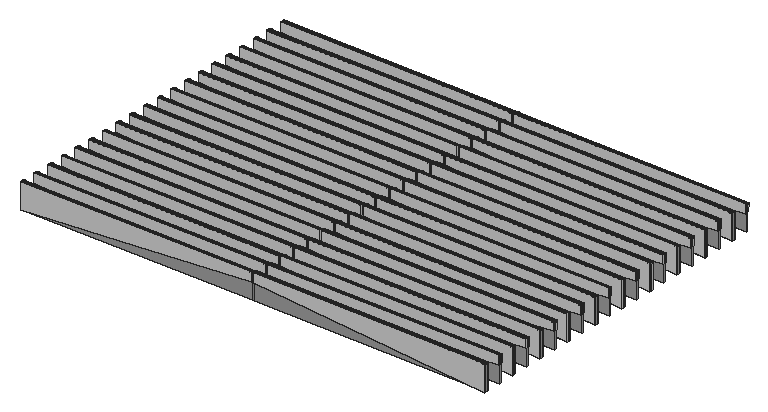
Revit family "BFL-STK-001_STACKED BAFFLES 001_RFA", category Modelos genéricos, Revit 2022
Family settings
  Puede alojar armadura = No
  Cota de conector redondo = Diámetro de uso
  Tipo de pieza = Normal
  Se basa en plano de trabajo = No
  Siempre vertical = Sí
  Corte con vacíos al cargar = No
  Mantener orientación de anotación = No
  Compartido = No
  Punto de cálculo de habitación = No
Parameters
  Elevación por defecto = 0.00"
Reference planes (in)
  plane 1 "Centro (Frontal/Posterior)": y = 0
  plane 2: z = 0
  plane 3 "Centro (Izquierda/Derecha)": x = 0
Forms (in)
  Extrusion 1, solid
    sketch origin (0, 0, 0) x (1, 0, 0) y (0, 0, 1)
      loop
        line (-108.5, 0) -> (-108.5, -12)
        arc (-108.5, -12) -> (-81.42603, -10.99863) -> (-54.5, -8) r 366.5
        arc (-54.5, -8) -> (-27.57397, -5.00137) -> (-0.5, -4) r 366.5
        line (-0.5, -4) -> (-0.5, 0) -> (-108.5, 0)
    from 78.62205 to 78.74016
  Extrusion 2, solid
    sketch origin (0, 0.59055, 0) x (1, 0, 0) y (0, 0, 1)
      loop
        line (-108.5, 0) -> (-108.5, -12) -> (-0.5, -12) -> (-0.5, 0) -> (-108.5, 0)
    from 78.26772 to 78.74016
  Extrusion 3, solid
    sketch origin (0, 1.53543, 0) x (1, 0, 0) y (0, 0, 1)
      loop
        line (-108.5, 0) -> (-108.5, -12)
        arc (-108.5, -12) -> (-81.42603, -10.99863) -> (-54.5, -8) r 366.5
        arc (-54.5, -8) -> (-27.57397, -5.00137) -> (-0.5, -4) r 366.5
        line (-0.5, -4) -> (-0.5, 0) -> (-108.5, 0)
    from 78.62205 to 78.74016
  Extrusion 4, solid
    sketch origin (0, 0.11811, 0) x (1, 0, 0) y (0, 0, 1)
      loop
        line (-108.5, 0) -> (-108.5, -12)
        arc (-108.5, -12) -> (-81.42603, -10.99863) -> (-54.5, -8) r 366.5
        arc (-54.5, -8) -> (-27.57397, -5.00137) -> (-0.5, -4) r 366.5
        line (-0.5, -4) -> (-0.5, 0) -> (-108.5, 0)
    from 78.26772 to 78.74016
  Extrusion 5, solid
    sketch origin (0, 1.06299, 0) x (1, 0, 0) y (0, 0, 1)
      loop
        line (-108.5, 0) -> (-108.5, -12)
        arc (-108.5, -12) -> (-81.42603, -10.99863) -> (-54.5, -8) r 366.5
        arc (-54.5, -8) -> (-27.57397, -5.00137) -> (-0.5, -4) r 366.5
        line (-0.5, -4) -> (-0.5, 0) -> (-108.5, 0)
    from 78.26772 to 78.74016
  Extrusion 6, solid, not visible
    sketch origin (0, 0, 0) x (1, 0, 0) y (0, 0, 1)
      loop
        line (-108.5, 0) -> (-108.5, -12)
        arc (-108.5, -12) -> (-81.42603, -10.99863) -> (-54.5, -8) r 366.5
        arc (-54.5, -8) -> (-27.57397, -5.00137) -> (-0.5, -4) r 366.5
        line (-0.5, -4) -> (-0.5, 0) -> (-108.5, 0)
    from 78.62205 to 78.74016
  Extrusion 7, solid, not visible
    sketch origin (0, 0.59055, 0) x (1, 0, 0) y (0, 0, 1)
      loop
        line (-108.5, 0) -> (-108.5, -12) -> (-0.5, -12) -> (-0.5, 0) -> (-108.5, 0)
    from 78.26772 to 78.74016
  Extrusion 8, solid, not visible
    sketch origin (0, 1.53543, 0) x (1, 0, 0) y (0, 0, 1)
      loop
        line (-108.5, 0) -> (-108.5, -12)
        arc (-108.5, -12) -> (-81.42603, -10.99863) -> (-54.5, -8) r 366.5
        arc (-54.5, -8) -> (-27.57397, -5.00137) -> (-0.5, -4) r 366.5
        line (-0.5, -4) -> (-0.5, 0) -> (-108.5, 0)
    from 78.62205 to 78.74016
  Extrusion 9, solid, not visible
    sketch origin (0, 0.11811, 0) x (1, 0, 0) y (0, 0, 1)
      loop
        line (-108.5, 0) -> (-108.5, -12)
        arc (-108.5, -12) -> (-81.42603, -10.99863) -> (-54.5, -8) r 366.5
        arc (-54.5, -8) -> (-27.57397, -5.00137) -> (-0.5, -4) r 366.5
        line (-0.5, -4) -> (-0.5, 0) -> (-108.5, 0)
    from 78.26772 to 78.74016
  Extrusion 10, solid, not visible
    sketch origin (0, 1.06299, 0) x (1, 0, 0) y (0, 0, 1)
      loop
        line (-108.5, 0) -> (-108.5, -12)
        arc (-108.5, -12) -> (-81.42603, -10.99863) -> (-54.5, -8) r 366.5
        arc (-54.5, -8) -> (-27.57397, -5.00137) -> (-0.5, -4) r 366.5
        line (-0.5, -4) -> (-0.5, 0) -> (-108.5, 0)
    from 78.26772 to 78.74016
  Extrusion 11, solid
    sketch origin (109, 0, 0) x (1, 0, 0) y (0, 0, 1)
      loop
        line (-0.5, 0) -> (-108.5, 0) -> (-108.5, -4)
        arc (-108.5, -4) -> (-81.42603, -5.00137) -> (-54.5, -8) r 366.5
        arc (-54.5, -8) -> (-27.57397, -10.99863) -> (-0.5, -12) r 366.5
        line (-0.5, -12) -> (-0.5, 0)
    from 78.62205 to 78.74016
  Extrusion 12, solid
    sketch origin (109, 0.59055, 0) x (1, 0, 0) y (0, 0, 1)
      loop
        line (-0.5, 0) -> (-108.5, 0) -> (-108.5, -12) -> (-0.5, -12) -> (-0.5, 0)
    from 78.26772 to 78.74016
  Extrusion 13, solid
    sketch origin (109, 1.53543, 0) x (1, 0, 0) y (0, 0, 1)
      loop
        line (-0.5, 0) -> (-108.5, 0) -> (-108.5, -4)
        arc (-108.5, -4) -> (-81.42603, -5.00137) -> (-54.5, -8) r 366.5
        arc (-54.5, -8) -> (-27.57397, -10.99863) -> (-0.5, -12) r 366.5
        line (-0.5, -12) -> (-0.5, 0)
    from 78.62205 to 78.74016
  Extrusion 14, solid
    sketch origin (109, 0.11811, 0) x (1, 0, 0) y (0, 0, 1)
      loop
        line (-0.5, 0) -> (-108.5, 0) -> (-108.5, -4)
        arc (-108.5, -4) -> (-81.42603, -5.00137) -> (-54.5, -8) r 366.5
        arc (-54.5, -8) -> (-27.57397, -10.99863) -> (-0.5, -12) r 366.5
        line (-0.5, -12) -> (-0.5, 0)
    from 78.26772 to 78.74016
  Extrusion 15, solid
    sketch origin (109, 1.06299, 0) x (1, 0, 0) y (0, 0, 1)
      loop
        line (-0.5, 0) -> (-108.5, 0) -> (-108.5, -4)
        arc (-108.5, -4) -> (-81.42603, -5.00137) -> (-54.5, -8) r 366.5
        arc (-54.5, -8) -> (-27.57397, -10.99863) -> (-0.5, -12) r 366.5
        line (-0.5, -12) -> (-0.5, 0)
    from 78.26772 to 78.74016
  Extrusion 16, solid
    sketch origin (0, 8, 0) x (1, 0, 0) y (0, 0, 1)
      loop
        line (-0.5, 0) -> (-108.5, 0) -> (-108.5, -4)
        arc (-108.5, -4) -> (-81.42603, -5.00137) -> (-54.5, -8) r 366.5
        arc (-54.5, -8) -> (-27.57397, -10.99863) -> (-0.5, -12) r 366.5
        line (-0.5, -12) -> (-0.5, 0)
    from 78.62205 to 78.74016
  Extrusion 17, solid
    sketch origin (0, 8.59055, 0) x (1, 0, 0) y (0, 0, 1)
      loop
        line (-0.5, 0) -> (-108.5, 0) -> (-108.5, -12) -> (-0.5, -12) -> (-0.5, 0)
    from 78.26772 to 78.74016
  Extrusion 18, solid
    sketch origin (0, 9.53543, 0) x (1, 0, 0) y (0, 0, 1)
      loop
        line (-0.5, 0) -> (-108.5, 0) -> (-108.5, -4)
        arc (-108.5, -4) -> (-81.42603, -5.00137) -> (-54.5, -8) r 366.5
        arc (-54.5, -8) -> (-27.57397, -10.99863) -> (-0.5, -12) r 366.5
        line (-0.5, -12) -> (-0.5, 0)
    from 78.62205 to 78.74016
  Extrusion 19, solid
    sketch origin (0, 8.11811, 0) x (1, 0, 0) y (0, 0, 1)
      loop
        line (-0.5, 0) -> (-108.5, 0) -> (-108.5, -4)
        arc (-108.5, -4) -> (-81.42603, -5.00137) -> (-54.5, -8) r 366.5
        arc (-54.5, -8) -> (-27.57397, -10.99863) -> (-0.5, -12) r 366.5
        line (-0.5, -12) -> (-0.5, 0)
    from 78.26772 to 78.74016
  Extrusion 20, solid
    sketch origin (0, 9.06299, 0) x (1, 0, 0) y (0, 0, 1)
      loop
        line (-0.5, 0) -> (-108.5, 0) -> (-108.5, -4)
        arc (-108.5, -4) -> (-81.42603, -5.00137) -> (-54.5, -8) r 366.5
        arc (-54.5, -8) -> (-27.57397, -10.99863) -> (-0.5, -12) r 366.5
        line (-0.5, -12) -> (-0.5, 0)
    from 78.26772 to 78.74016
  Extrusion 21, solid
    sketch origin (109, 8, 0) x (1, 0, 0) y (0, 0, 1)
      loop
        line (-108.5, 0) -> (-108.5, -12)
        arc (-108.5, -12) -> (-81.42603, -10.99863) -> (-54.5, -8) r 366.5
        arc (-54.5, -8) -> (-27.57397, -5.00137) -> (-0.5, -4) r 366.5
        line (-0.5, -4) -> (-0.5, 0) -> (-108.5, 0)
    from 78.62205 to 78.74016
  Extrusion 22, solid
    sketch origin (109, 8.59055, 0) x (1, 0, 0) y (0, 0, 1)
      loop
        line (-108.5, 0) -> (-108.5, -12) -> (-0.5, -12) -> (-0.5, 0) -> (-108.5, 0)
    from 78.26772 to 78.74016
  Extrusion 23, solid
    sketch origin (109, 9.53543, 0) x (1, 0, 0) y (0, 0, 1)
      loop
        line (-108.5, 0) -> (-108.5, -12)
        arc (-108.5, -12) -> (-81.42603, -10.99863) -> (-54.5, -8) r 366.5
        arc (-54.5, -8) -> (-27.57397, -5.00137) -> (-0.5, -4) r 366.5
        line (-0.5, -4) -> (-0.5, 0) -> (-108.5, 0)
    from 78.62205 to 78.74016
  Extrusion 24, solid
    sketch origin (109, 8.11811, 0) x (1, 0, 0) y (0, 0, 1)
      loop
        line (-108.5, 0) -> (-108.5, -12)
        arc (-108.5, -12) -> (-81.42603, -10.99863) -> (-54.5, -8) r 366.5
        arc (-54.5, -8) -> (-27.57397, -5.00137) -> (-0.5, -4) r 366.5
        line (-0.5, -4) -> (-0.5, 0) -> (-108.5, 0)
    from 78.26772 to 78.74016
  Extrusion 25, solid
    sketch origin (109, 9.06299, 0) x (1, 0, 0) y (0, 0, 1)
      loop
        line (-108.5, 0) -> (-108.5, -12)
        arc (-108.5, -12) -> (-81.42603, -10.99863) -> (-54.5, -8) r 366.5
        arc (-54.5, -8) -> (-27.57397, -5.00137) -> (-0.5, -4) r 366.5
        line (-0.5, -4) -> (-0.5, 0) -> (-108.5, 0)
    from 78.26772 to 78.74016
  Extrusion 26, solid
    sketch origin (0, 16, 0) x (1, 0, 0) y (0, 0, 1)
      loop
        line (-108.5, 0) -> (-108.5, -12)
        arc (-108.5, -12) -> (-81.42603, -10.99863) -> (-54.5, -8) r 366.5
        arc (-54.5, -8) -> (-27.57397, -5.00137) -> (-0.5, -4) r 366.5
        line (-0.5, -4) -> (-0.5, 0) -> (-108.5, 0)
    from 78.62205 to 78.74016
  Extrusion 27, solid
    sketch origin (0, 16.59055, 0) x (1, 0, 0) y (0, 0, 1)
      loop
        line (-108.5, 0) -> (-108.5, -12) -> (-0.5, -12) -> (-0.5, 0) -> (-108.5, 0)
    from 78.26772 to 78.74016
  Extrusion 28, solid
    sketch origin (0, 17.53543, 0) x (1, 0, 0) y (0, 0, 1)
      loop
        line (-108.5, 0) -> (-108.5, -12)
        arc (-108.5, -12) -> (-81.42603, -10.99863) -> (-54.5, -8) r 366.5
        arc (-54.5, -8) -> (-27.57397, -5.00137) -> (-0.5, -4) r 366.5
        line (-0.5, -4) -> (-0.5, 0) -> (-108.5, 0)
    from 78.62205 to 78.74016
  Extrusion 29, solid
    sketch origin (0, 16.11811, 0) x (1, 0, 0) y (0, 0, 1)
      loop
        line (-108.5, 0) -> (-108.5, -12)
        arc (-108.5, -12) -> (-81.42603, -10.99863) -> (-54.5, -8) r 366.5
        arc (-54.5, -8) -> (-27.57397, -5.00137) -> (-0.5, -4) r 366.5
        line (-0.5, -4) -> (-0.5, 0) -> (-108.5, 0)
    from 78.26772 to 78.74016
  Extrusion 30, solid
    sketch origin (0, 17.06299, 0) x (1, 0, 0) y (0, 0, 1)
      loop
        line (-108.5, 0) -> (-108.5, -12)
        arc (-108.5, -12) -> (-81.42603, -10.99863) -> (-54.5, -8) r 366.5
        arc (-54.5, -8) -> (-27.57397, -5.00137) -> (-0.5, -4) r 366.5
        line (-0.5, -4) -> (-0.5, 0) -> (-108.5, 0)
    from 78.26772 to 78.74016
  Extrusion 31, solid
    sketch origin (109, 16, 0) x (1, 0, 0) y (0, 0, 1)
      loop
        line (-0.5, 0) -> (-108.5, 0) -> (-108.5, -4)
        arc (-108.5, -4) -> (-81.42603, -5.00137) -> (-54.5, -8) r 366.5
        arc (-54.5, -8) -> (-27.57397, -10.99863) -> (-0.5, -12) r 366.5
        line (-0.5, -12) -> (-0.5, 0)
    from 78.62205 to 78.74016
  Extrusion 32, solid
    sketch origin (109, 16.59055, 0) x (1, 0, 0) y (0, 0, 1)
      loop
        line (-0.5, 0) -> (-108.5, 0) -> (-108.5, -12) -> (-0.5, -12) -> (-0.5, 0)
    from 78.26772 to 78.74016
  Extrusion 33, solid
    sketch origin (109, 17.53543, 0) x (1, 0, 0) y (0, 0, 1)
      loop
        line (-0.5, 0) -> (-108.5, 0) -> (-108.5, -4)
        arc (-108.5, -4) -> (-81.42603, -5.00137) -> (-54.5, -8) r 366.5
        arc (-54.5, -8) -> (-27.57397, -10.99863) -> (-0.5, -12) r 366.5
        line (-0.5, -12) -> (-0.5, 0)
    from 78.62205 to 78.74016
  Extrusion 34, solid
    sketch origin (109, 16.11811, 0) x (1, 0, 0) y (0, 0, 1)
      loop
        line (-0.5, 0) -> (-108.5, 0) -> (-108.5, -4)
        arc (-108.5, -4) -> (-81.42603, -5.00137) -> (-54.5, -8) r 366.5
        arc (-54.5, -8) -> (-27.57397, -10.99863) -> (-0.5, -12) r 366.5
        line (-0.5, -12) -> (-0.5, 0)
    from 78.26772 to 78.74016
  Extrusion 35, solid
    sketch origin (109, 17.06299, 0) x (1, 0, 0) y (0, 0, 1)
      loop
        line (-0.5, 0) -> (-108.5, 0) -> (-108.5, -4)
        arc (-108.5, -4) -> (-81.42603, -5.00137) -> (-54.5, -8) r 366.5
        arc (-54.5, -8) -> (-27.57397, -10.99863) -> (-0.5, -12) r 366.5
        line (-0.5, -12) -> (-0.5, 0)
    from 78.26772 to 78.74016
  Extrusion 36, solid
    sketch origin (0, 24, 0) x (1, 0, 0) y (0, 0, 1)
      loop
        line (-0.5, 0) -> (-108.5, 0) -> (-108.5, -4)
        arc (-108.5, -4) -> (-81.42603, -5.00137) -> (-54.5, -8) r 366.5
        arc (-54.5, -8) -> (-27.57397, -10.99863) -> (-0.5, -12) r 366.5
        line (-0.5, -12) -> (-0.5, 0)
    from 78.62205 to 78.74016
  Extrusion 37, solid
    sketch origin (0, 24.59055, 0) x (1, 0, 0) y (0, 0, 1)
      loop
        line (-0.5, 0) -> (-108.5, 0) -> (-108.5, -12) -> (-0.5, -12) -> (-0.5, 0)
    from 78.26772 to 78.74016
  Extrusion 38, solid
    sketch origin (0, 25.53543, 0) x (1, 0, 0) y (0, 0, 1)
      loop
        line (-0.5, 0) -> (-108.5, 0) -> (-108.5, -4)
        arc (-108.5, -4) -> (-81.42603, -5.00137) -> (-54.5, -8) r 366.5
        arc (-54.5, -8) -> (-27.57397, -10.99863) -> (-0.5, -12) r 366.5
        line (-0.5, -12) -> (-0.5, 0)
    from 78.62205 to 78.74016
  Extrusion 39, solid
    sketch origin (0, 24.11811, 0) x (1, 0, 0) y (0, 0, 1)
      loop
        line (-0.5, 0) -> (-108.5, 0) -> (-108.5, -4)
        arc (-108.5, -4) -> (-81.42603, -5.00137) -> (-54.5, -8) r 366.5
        arc (-54.5, -8) -> (-27.57397, -10.99863) -> (-0.5, -12) r 366.5
        line (-0.5, -12) -> (-0.5, 0)
    from 78.26772 to 78.74016
  Extrusion 40, solid
    sketch origin (0, 25.06299, 0) x (1, 0, 0) y (0, 0, 1)
      loop
        line (-0.5, 0) -> (-108.5, 0) -> (-108.5, -4)
        arc (-108.5, -4) -> (-81.42603, -5.00137) -> (-54.5, -8) r 366.5
        arc (-54.5, -8) -> (-27.57397, -10.99863) -> (-0.5, -12) r 366.5
        line (-0.5, -12) -> (-0.5, 0)
    from 78.26772 to 78.74016
  Extrusion 41, solid
    sketch origin (109, 24, 0) x (1, 0, 0) y (0, 0, 1)
      loop
        line (-108.5, 0) -> (-108.5, -12)
        arc (-108.5, -12) -> (-81.42603, -10.99863) -> (-54.5, -8) r 366.5
        arc (-54.5, -8) -> (-27.57397, -5.00137) -> (-0.5, -4) r 366.5
        line (-0.5, -4) -> (-0.5, 0) -> (-108.5, 0)
    from 78.62205 to 78.74016
  Extrusion 42, solid
    sketch origin (109, 24.59055, 0) x (1, 0, 0) y (0, 0, 1)
      loop
        line (-108.5, 0) -> (-108.5, -12) -> (-0.5, -12) -> (-0.5, 0) -> (-108.5, 0)
    from 78.26772 to 78.74016
  Extrusion 43, solid
    sketch origin (109, 25.53543, 0) x (1, 0, 0) y (0, 0, 1)
      loop
        line (-108.5, 0) -> (-108.5, -12)
        arc (-108.5, -12) -> (-81.42603, -10.99863) -> (-54.5, -8) r 366.5
        arc (-54.5, -8) -> (-27.57397, -5.00137) -> (-0.5, -4) r 366.5
        line (-0.5, -4) -> (-0.5, 0) -> (-108.5, 0)
    from 78.62205 to 78.74016
  Extrusion 44, solid
    sketch origin (109, 24.11811, 0) x (1, 0, 0) y (0, 0, 1)
      loop
        line (-108.5, 0) -> (-108.5, -12)
        arc (-108.5, -12) -> (-81.42603, -10.99863) -> (-54.5, -8) r 366.5
        arc (-54.5, -8) -> (-27.57397, -5.00137) -> (-0.5, -4) r 366.5
        line (-0.5, -4) -> (-0.5, 0) -> (-108.5, 0)
    from 78.26772 to 78.74016
  Extrusion 45, solid
    sketch origin (109, 25.06299, 0) x (1, 0, 0) y (0, 0, 1)
      loop
        line (-108.5, 0) -> (-108.5, -12)
        arc (-108.5, -12) -> (-81.42603, -10.99863) -> (-54.5, -8) r 366.5
        arc (-54.5, -8) -> (-27.57397, -5.00137) -> (-0.5, -4) r 366.5
        line (-0.5, -4) -> (-0.5, 0) -> (-108.5, 0)
    from 78.26772 to 78.74016
  Extrusion 46, solid
    sketch origin (0, 32, 0) x (1, 0, 0) y (0, 0, 1)
      loop
        line (-108.5, 0) -> (-108.5, -12)
        arc (-108.5, -12) -> (-81.42603, -10.99863) -> (-54.5, -8) r 366.5
        arc (-54.5, -8) -> (-27.57397, -5.00137) -> (-0.5, -4) r 366.5
        line (-0.5, -4) -> (-0.5, 0) -> (-108.5, 0)
    from 78.62205 to 78.74016
  Extrusion 47, solid
    sketch origin (0, 32.59055, 0) x (1, 0, 0) y (0, 0, 1)
      loop
        line (-108.5, 0) -> (-108.5, -12) -> (-0.5, -12) -> (-0.5, 0) -> (-108.5, 0)
    from 78.26772 to 78.74016
  Extrusion 48, solid
    sketch origin (0, 33.53543, 0) x (1, 0, 0) y (0, 0, 1)
      loop
        line (-108.5, 0) -> (-108.5, -12)
        arc (-108.5, -12) -> (-81.42603, -10.99863) -> (-54.5, -8) r 366.5
        arc (-54.5, -8) -> (-27.57397, -5.00137) -> (-0.5, -4) r 366.5
        line (-0.5, -4) -> (-0.5, 0) -> (-108.5, 0)
    from 78.62205 to 78.74016
  Extrusion 49, solid
    sketch origin (0, 32.11811, 0) x (1, 0, 0) y (0, 0, 1)
      loop
        line (-108.5, 0) -> (-108.5, -12)
        arc (-108.5, -12) -> (-81.42603, -10.99863) -> (-54.5, -8) r 366.5
        arc (-54.5, -8) -> (-27.57397, -5.00137) -> (-0.5, -4) r 366.5
        line (-0.5, -4) -> (-0.5, 0) -> (-108.5, 0)
    from 78.26772 to 78.74016
  Extrusion 50, solid
    sketch origin (0, 33.06299, 0) x (1, 0, 0) y (0, 0, 1)
      loop
        line (-108.5, 0) -> (-108.5, -12)
        arc (-108.5, -12) -> (-81.42603, -10.99863) -> (-54.5, -8) r 366.5
        arc (-54.5, -8) -> (-27.57397, -5.00137) -> (-0.5, -4) r 366.5
        line (-0.5, -4) -> (-0.5, 0) -> (-108.5, 0)
    from 78.26772 to 78.74016
  Extrusion 51, solid
    sketch origin (109, 32, 0) x (1, 0, 0) y (0, 0, 1)
      loop
        line (-0.5, 0) -> (-108.5, 0) -> (-108.5, -4)
        arc (-108.5, -4) -> (-81.42603, -5.00137) -> (-54.5, -8) r 366.5
        arc (-54.5, -8) -> (-27.57397, -10.99863) -> (-0.5, -12) r 366.5
        line (-0.5, -12) -> (-0.5, 0)
    from 78.62205 to 78.74016
  Extrusion 52, solid
    sketch origin (109, 32.59055, 0) x (1, 0, 0) y (0, 0, 1)
      loop
        line (-0.5, 0) -> (-108.5, 0) -> (-108.5, -12) -> (-0.5, -12) -> (-0.5, 0)
    from 78.26772 to 78.74016
  Extrusion 53, solid
    sketch origin (109, 33.53543, 0) x (1, 0, 0) y (0, 0, 1)
      loop
        line (-0.5, 0) -> (-108.5, 0) -> (-108.5, -4)
        arc (-108.5, -4) -> (-81.42603, -5.00137) -> (-54.5, -8) r 366.5
        arc (-54.5, -8) -> (-27.57397, -10.99863) -> (-0.5, -12) r 366.5
        line (-0.5, -12) -> (-0.5, 0)
    from 78.62205 to 78.74016
  Extrusion 54, solid
    sketch origin (109, 32.11811, 0) x (1, 0, 0) y (0, 0, 1)
      loop
        line (-0.5, 0) -> (-108.5, 0) -> (-108.5, -4)
        arc (-108.5, -4) -> (-81.42603, -5.00137) -> (-54.5, -8) r 366.5
        arc (-54.5, -8) -> (-27.57397, -10.99863) -> (-0.5, -12) r 366.5
        line (-0.5, -12) -> (-0.5, 0)
    from 78.26772 to 78.74016
  Extrusion 55, solid
    sketch origin (109, 33.06299, 0) x (1, 0, 0) y (0, 0, 1)
      loop
        line (-0.5, 0) -> (-108.5, 0) -> (-108.5, -4)
        arc (-108.5, -4) -> (-81.42603, -5.00137) -> (-54.5, -8) r 366.5
        arc (-54.5, -8) -> (-27.57397, -10.99863) -> (-0.5, -12) r 366.5
        line (-0.5, -12) -> (-0.5, 0)
    from 78.26772 to 78.74016
  Extrusion 56, solid
    sketch origin (0, 40, 0) x (1, 0, 0) y (0, 0, 1)
      loop
        line (-0.5, 0) -> (-108.5, 0) -> (-108.5, -4)
        arc (-108.5, -4) -> (-81.42603, -5.00137) -> (-54.5, -8) r 366.5
        arc (-54.5, -8) -> (-27.57397, -10.99863) -> (-0.5, -12) r 366.5
        line (-0.5, -12) -> (-0.5, 0)
    from 78.62205 to 78.74016
  Extrusion 57, solid
    sketch origin (0, 40.59055, 0) x (1, 0, 0) y (0, 0, 1)
      loop
        line (-0.5, 0) -> (-108.5, 0) -> (-108.5, -12) -> (-0.5, -12) -> (-0.5, 0)
    from 78.26772 to 78.74016
  Extrusion 58, solid
    sketch origin (0, 41.53543, 0) x (1, 0, 0) y (0, 0, 1)
      loop
        line (-0.5, 0) -> (-108.5, 0) -> (-108.5, -4)
        arc (-108.5, -4) -> (-81.42603, -5.00137) -> (-54.5, -8) r 366.5
        arc (-54.5, -8) -> (-27.57397, -10.99863) -> (-0.5, -12) r 366.5
        line (-0.5, -12) -> (-0.5, 0)
    from 78.62205 to 78.74016
  Extrusion 59, solid
    sketch origin (0, 40.11811, 0) x (1, 0, 0) y (0, 0, 1)
      loop
        line (-0.5, 0) -> (-108.5, 0) -> (-108.5, -4)
        arc (-108.5, -4) -> (-81.42603, -5.00137) -> (-54.5, -8) r 366.5
        arc (-54.5, -8) -> (-27.57397, -10.99863) -> (-0.5, -12) r 366.5
        line (-0.5, -12) -> (-0.5, 0)
    from 78.26772 to 78.74016
  Extrusion 60, solid
    sketch origin (0, 41.06299, 0) x (1, 0, 0) y (0, 0, 1)
      loop
        line (-0.5, 0) -> (-108.5, 0) -> (-108.5, -4)
        arc (-108.5, -4) -> (-81.42603, -5.00137) -> (-54.5, -8) r 366.5
        arc (-54.5, -8) -> (-27.57397, -10.99863) -> (-0.5, -12) r 366.5
        line (-0.5, -12) -> (-0.5, 0)
    from 78.26772 to 78.74016
  Extrusion 61, solid
    sketch origin (109, 40, 0) x (1, 0, 0) y (0, 0, 1)
      loop
        line (-108.5, 0) -> (-108.5, -12)
        arc (-108.5, -12) -> (-81.42603, -10.99863) -> (-54.5, -8) r 366.5
        arc (-54.5, -8) -> (-27.57397, -5.00137) -> (-0.5, -4) r 366.5
        line (-0.5, -4) -> (-0.5, 0) -> (-108.5, 0)
    from 78.62205 to 78.74016
  Extrusion 62, solid
    sketch origin (109, 40.59055, 0) x (1, 0, 0) y (0, 0, 1)
      loop
        line (-108.5, 0) -> (-108.5, -12) -> (-0.5, -12) -> (-0.5, 0) -> (-108.5, 0)
    from 78.26772 to 78.74016
  Extrusion 63, solid
    sketch origin (109, 41.53543, 0) x (1, 0, 0) y (0, 0, 1)
      loop
        line (-108.5, 0) -> (-108.5, -12)
        arc (-108.5, -12) -> (-81.42603, -10.99863) -> (-54.5, -8) r 366.5
        arc (-54.5, -8) -> (-27.57397, -5.00137) -> (-0.5, -4) r 366.5
        line (-0.5, -4) -> (-0.5, 0) -> (-108.5, 0)
    from 78.62205 to 78.74016
  Extrusion 64, solid
    sketch origin (109, 40.11811, 0) x (1, 0, 0) y (0, 0, 1)
      loop
        line (-108.5, 0) -> (-108.5, -12)
        arc (-108.5, -12) -> (-81.42603, -10.99863) -> (-54.5, -8) r 366.5
        arc (-54.5, -8) -> (-27.57397, -5.00137) -> (-0.5, -4) r 366.5
        line (-0.5, -4) -> (-0.5, 0) -> (-108.5, 0)
    from 78.26772 to 78.74016
  Extrusion 65, solid
    sketch origin (109, 41.06299, 0) x (1, 0, 0) y (0, 0, 1)
      loop
        line (-108.5, 0) -> (-108.5, -12)
        arc (-108.5, -12) -> (-81.42603, -10.99863) -> (-54.5, -8) r 366.5
        arc (-54.5, -8) -> (-27.57397, -5.00137) -> (-0.5, -4) r 366.5
        line (-0.5, -4) -> (-0.5, 0) -> (-108.5, 0)
    from 78.26772 to 78.74016
  Extrusion 66, solid
    sketch origin (0, 48, 0) x (1, 0, 0) y (0, 0, 1)
      loop
        line (-108.5, 0) -> (-108.5, -12)
        arc (-108.5, -12) -> (-81.42603, -10.99863) -> (-54.5, -8) r 366.5
        arc (-54.5, -8) -> (-27.57397, -5.00137) -> (-0.5, -4) r 366.5
        line (-0.5, -4) -> (-0.5, 0) -> (-108.5, 0)
    from 78.62205 to 78.74016
  Extrusion 67, solid
    sketch origin (0, 48.59055, 0) x (1, 0, 0) y (0, 0, 1)
      loop
        line (-108.5, 0) -> (-108.5, -12) -> (-0.5, -12) -> (-0.5, 0) -> (-108.5, 0)
    from 78.26772 to 78.74016
  Extrusion 68, solid
    sketch origin (0, 49.53543, 0) x (1, 0, 0) y (0, 0, 1)
      loop
        line (-108.5, 0) -> (-108.5, -12)
        arc (-108.5, -12) -> (-81.42603, -10.99863) -> (-54.5, -8) r 366.5
        arc (-54.5, -8) -> (-27.57397, -5.00137) -> (-0.5, -4) r 366.5
        line (-0.5, -4) -> (-0.5, 0) -> (-108.5, 0)
    from 78.62205 to 78.74016
  Extrusion 69, solid
    sketch origin (0, 48.11811, 0) x (1, 0, 0) y (0, 0, 1)
      loop
        line (-108.5, 0) -> (-108.5, -12)
        arc (-108.5, -12) -> (-81.42603, -10.99863) -> (-54.5, -8) r 366.5
        arc (-54.5, -8) -> (-27.57397, -5.00137) -> (-0.5, -4) r 366.5
        line (-0.5, -4) -> (-0.5, 0) -> (-108.5, 0)
    from 78.26772 to 78.74016
  Extrusion 70, solid
    sketch origin (0, 49.06299, 0) x (1, 0, 0) y (0, 0, 1)
      loop
        line (-108.5, 0) -> (-108.5, -12)
        arc (-108.5, -12) -> (-81.42603, -10.99863) -> (-54.5, -8) r 366.5
        arc (-54.5, -8) -> (-27.57397, -5.00137) -> (-0.5, -4) r 366.5
        line (-0.5, -4) -> (-0.5, 0) -> (-108.5, 0)
    from 78.26772 to 78.74016
  Extrusion 71, solid
    sketch origin (109, 48, 0) x (1, 0, 0) y (0, 0, 1)
      loop
        line (-0.5, 0) -> (-108.5, 0) -> (-108.5, -4)
        arc (-108.5, -4) -> (-81.42603, -5.00137) -> (-54.5, -8) r 366.5
        arc (-54.5, -8) -> (-27.57397, -10.99863) -> (-0.5, -12) r 366.5
        line (-0.5, -12) -> (-0.5, 0)
    from 78.62205 to 78.74016
  Extrusion 72, solid
    sketch origin (109, 48.59055, 0) x (1, 0, 0) y (0, 0, 1)
      loop
        line (-0.5, 0) -> (-108.5, 0) -> (-108.5, -12) -> (-0.5, -12) -> (-0.5, 0)
    from 78.26772 to 78.74016
  Extrusion 73, solid
    sketch origin (109, 49.53543, 0) x (1, 0, 0) y (0, 0, 1)
      loop
        line (-0.5, 0) -> (-108.5, 0) -> (-108.5, -4)
        arc (-108.5, -4) -> (-81.42603, -5.00137) -> (-54.5, -8) r 366.5
        arc (-54.5, -8) -> (-27.57397, -10.99863) -> (-0.5, -12) r 366.5
        line (-0.5, -12) -> (-0.5, 0)
    from 78.62205 to 78.74016
  Extrusion 74, solid
    sketch origin (109, 48.11811, 0) x (1, 0, 0) y (0, 0, 1)
      loop
        line (-0.5, 0) -> (-108.5, 0) -> (-108.5, -4)
        arc (-108.5, -4) -> (-81.42603, -5.00137) -> (-54.5, -8) r 366.5
        arc (-54.5, -8) -> (-27.57397, -10.99863) -> (-0.5, -12) r 366.5
        line (-0.5, -12) -> (-0.5, 0)
    from 78.26772 to 78.74016
  Extrusion 75, solid
    sketch origin (109, 49.06299, 0) x (1, 0, 0) y (0, 0, 1)
      loop
        line (-0.5, 0) -> (-108.5, 0) -> (-108.5, -4)
        arc (-108.5, -4) -> (-81.42603, -5.00137) -> (-54.5, -8) r 366.5
        arc (-54.5, -8) -> (-27.57397, -10.99863) -> (-0.5, -12) r 366.5
        line (-0.5, -12) -> (-0.5, 0)
    from 78.26772 to 78.74016
  Extrusion 76, solid
    sketch origin (0, 56, 0) x (1, 0, 0) y (0, 0, 1)
      loop
        line (-0.5, 0) -> (-108.5, 0) -> (-108.5, -4)
        arc (-108.5, -4) -> (-81.42603, -5.00137) -> (-54.5, -8) r 366.5
        arc (-54.5, -8) -> (-27.57397, -10.99863) -> (-0.5, -12) r 366.5
        line (-0.5, -12) -> (-0.5, 0)
    from 78.62205 to 78.74016
  Extrusion 77, solid
    sketch origin (0, 56.59055, 0) x (1, 0, 0) y (0, 0, 1)
      loop
        line (-0.5, 0) -> (-108.5, 0) -> (-108.5, -12) -> (-0.5, -12) -> (-0.5, 0)
    from 78.26772 to 78.74016
  Extrusion 78, solid
    sketch origin (0, 57.53543, 0) x (1, 0, 0) y (0, 0, 1)
      loop
        line (-0.5, 0) -> (-108.5, 0) -> (-108.5, -4)
        arc (-108.5, -4) -> (-81.42603, -5.00137) -> (-54.5, -8) r 366.5
        arc (-54.5, -8) -> (-27.57397, -10.99863) -> (-0.5, -12) r 366.5
        line (-0.5, -12) -> (-0.5, 0)
    from 78.62205 to 78.74016
  Extrusion 79, solid
    sketch origin (0, 56.11811, 0) x (1, 0, 0) y (0, 0, 1)
      loop
        line (-0.5, 0) -> (-108.5, 0) -> (-108.5, -4)
        arc (-108.5, -4) -> (-81.42603, -5.00137) -> (-54.5, -8) r 366.5
        arc (-54.5, -8) -> (-27.57397, -10.99863) -> (-0.5, -12) r 366.5
        line (-0.5, -12) -> (-0.5, 0)
    from 78.26772 to 78.74016
  Extrusion 80, solid
    sketch origin (0, 57.06299, 0) x (1, 0, 0) y (0, 0, 1)
      loop
        line (-0.5, 0) -> (-108.5, 0) -> (-108.5, -4)
        arc (-108.5, -4) -> (-81.42603, -5.00137) -> (-54.5, -8) r 366.5
        arc (-54.5, -8) -> (-27.57397, -10.99863) -> (-0.5, -12) r 366.5
        line (-0.5, -12) -> (-0.5, 0)
    from 78.26772 to 78.74016
  Extrusion 81, solid
    sketch origin (109, 56, 0) x (1, 0, 0) y (0, 0, 1)
      loop
        line (-108.5, 0) -> (-108.5, -12)
        arc (-108.5, -12) -> (-81.42603, -10.99863) -> (-54.5, -8) r 366.5
        arc (-54.5, -8) -> (-27.57397, -5.00137) -> (-0.5, -4) r 366.5
        line (-0.5, -4) -> (-0.5, 0) -> (-108.5, 0)
    from 78.62205 to 78.74016
  Extrusion 82, solid
    sketch origin (109, 56.59055, 0) x (1, 0, 0) y (0, 0, 1)
      loop
        line (-108.5, 0) -> (-108.5, -12) -> (-0.5, -12) -> (-0.5, 0) -> (-108.5, 0)
    from 78.26772 to 78.74016
  Extrusion 83, solid
    sketch origin (109, 57.53543, 0) x (1, 0, 0) y (0, 0, 1)
      loop
        line (-108.5, 0) -> (-108.5, -12)
        arc (-108.5, -12) -> (-81.42603, -10.99863) -> (-54.5, -8) r 366.5
        arc (-54.5, -8) -> (-27.57397, -5.00137) -> (-0.5, -4) r 366.5
        line (-0.5, -4) -> (-0.5, 0) -> (-108.5, 0)
    from 78.62205 to 78.74016
  Extrusion 84, solid
    sketch origin (109, 56.11811, 0) x (1, 0, 0) y (0, 0, 1)
      loop
        line (-108.5, 0) -> (-108.5, -12)
        arc (-108.5, -12) -> (-81.42603, -10.99863) -> (-54.5, -8) r 366.5
        arc (-54.5, -8) -> (-27.57397, -5.00137) -> (-0.5, -4) r 366.5
        line (-0.5, -4) -> (-0.5, 0) -> (-108.5, 0)
    from 78.26772 to 78.74016
  Extrusion 85, solid
    sketch origin (109, 57.06299, 0) x (1, 0, 0) y (0, 0, 1)
      loop
        line (-108.5, 0) -> (-108.5, -12)
        arc (-108.5, -12) -> (-81.42603, -10.99863) -> (-54.5, -8) r 366.5
        arc (-54.5, -8) -> (-27.57397, -5.00137) -> (-0.5, -4) r 366.5
        line (-0.5, -4) -> (-0.5, 0) -> (-108.5, 0)
    from 78.26772 to 78.74016
  Extrusion 86, solid
    sketch origin (0, 64, 0) x (1, 0, 0) y (0, 0, 1)
      loop
        line (-108.5, 0) -> (-108.5, -12)
        arc (-108.5, -12) -> (-81.42603, -10.99863) -> (-54.5, -8) r 366.5
        arc (-54.5, -8) -> (-27.57397, -5.00137) -> (-0.5, -4) r 366.5
        line (-0.5, -4) -> (-0.5, 0) -> (-108.5, 0)
    from 78.62205 to 78.74016
  Extrusion 87, solid
    sketch origin (0, 64.59055, 0) x (1, 0, 0) y (0, 0, 1)
      loop
        line (-108.5, 0) -> (-108.5, -12) -> (-0.5, -12) -> (-0.5, 0) -> (-108.5, 0)
    from 78.26772 to 78.74016
  Extrusion 88, solid
    sketch origin (0, 65.53543, 0) x (1, 0, 0) y (0, 0, 1)
      loop
        line (-108.5, 0) -> (-108.5, -12)
        arc (-108.5, -12) -> (-81.42603, -10.99863) -> (-54.5, -8) r 366.5
        arc (-54.5, -8) -> (-27.57397, -5.00137) -> (-0.5, -4) r 366.5
        line (-0.5, -4) -> (-0.5, 0) -> (-108.5, 0)
    from 78.62205 to 78.74016
  Extrusion 89, solid
    sketch origin (0, 64.11811, 0) x (1, 0, 0) y (0, 0, 1)
      loop
        line (-108.5, 0) -> (-108.5, -12)
        arc (-108.5, -12) -> (-81.42603, -10.99863) -> (-54.5, -8) r 366.5
        arc (-54.5, -8) -> (-27.57397, -5.00137) -> (-0.5, -4) r 366.5
        line (-0.5, -4) -> (-0.5, 0) -> (-108.5, 0)
    from 78.26772 to 78.74016
  Extrusion 90, solid
    sketch origin (0, 65.06299, 0) x (1, 0, 0) y (0, 0, 1)
      loop
        line (-108.5, 0) -> (-108.5, -12)
        arc (-108.5, -12) -> (-81.42603, -10.99863) -> (-54.5, -8) r 366.5
        arc (-54.5, -8) -> (-27.57397, -5.00137) -> (-0.5, -4) r 366.5
        line (-0.5, -4) -> (-0.5, 0) -> (-108.5, 0)
    from 78.26772 to 78.74016
  Extrusion 91, solid
    sketch origin (109, 64, 0) x (1, 0, 0) y (0, 0, 1)
      loop
        line (-0.5, 0) -> (-108.5, 0) -> (-108.5, -4)
        arc (-108.5, -4) -> (-81.42603, -5.00137) -> (-54.5, -8) r 366.5
        arc (-54.5, -8) -> (-27.57397, -10.99863) -> (-0.5, -12) r 366.5
        line (-0.5, -12) -> (-0.5, 0)
    from 78.62205 to 78.74016
  Extrusion 92, solid
    sketch origin (109, 64.59055, 0) x (1, 0, 0) y (0, 0, 1)
      loop
        line (-0.5, 0) -> (-108.5, 0) -> (-108.5, -12) -> (-0.5, -12) -> (-0.5, 0)
    from 78.26772 to 78.74016
  Extrusion 93, solid
    sketch origin (109, 65.53543, 0) x (1, 0, 0) y (0, 0, 1)
      loop
        line (-0.5, 0) -> (-108.5, 0) -> (-108.5, -4)
        arc (-108.5, -4) -> (-81.42603, -5.00137) -> (-54.5, -8) r 366.5
        arc (-54.5, -8) -> (-27.57397, -10.99863) -> (-0.5, -12) r 366.5
        line (-0.5, -12) -> (-0.5, 0)
    from 78.62205 to 78.74016
  Extrusion 94, solid
    sketch origin (109, 64.11811, 0) x (1, 0, 0) y (0, 0, 1)
      loop
        line (-0.5, 0) -> (-108.5, 0) -> (-108.5, -4)
        arc (-108.5, -4) -> (-81.42603, -5.00137) -> (-54.5, -8) r 366.5
        arc (-54.5, -8) -> (-27.57397, -10.99863) -> (-0.5, -12) r 366.5
        line (-0.5, -12) -> (-0.5, 0)
    from 78.26772 to 78.74016
  Extrusion 95, solid
    sketch origin (109, 65.06299, 0) x (1, 0, 0) y (0, 0, 1)
      loop
        line (-0.5, 0) -> (-108.5, 0) -> (-108.5, -4)
        arc (-108.5, -4) -> (-81.42603, -5.00137) -> (-54.5, -8) r 366.5
        arc (-54.5, -8) -> (-27.57397, -10.99863) -> (-0.5, -12) r 366.5
        line (-0.5, -12) -> (-0.5, 0)
    from 78.26772 to 78.74016
  Extrusion 96, solid
    sketch origin (0, 72, 0) x (1, 0, 0) y (0, 0, 1)
      loop
        line (-0.5, 0) -> (-108.5, 0) -> (-108.5, -4)
        arc (-108.5, -4) -> (-81.42603, -5.00137) -> (-54.5, -8) r 366.5
        arc (-54.5, -8) -> (-27.57397, -10.99863) -> (-0.5, -12) r 366.5
        line (-0.5, -12) -> (-0.5, 0)
    from 78.62205 to 78.74016
  Extrusion 97, solid
    sketch origin (0, 72.59055, 0) x (1, 0, 0) y (0, 0, 1)
      loop
        line (-0.5, 0) -> (-108.5, 0) -> (-108.5, -12) -> (-0.5, -12) -> (-0.5, 0)
    from 78.26772 to 78.74016
  Extrusion 98, solid
    sketch origin (0, 73.53543, 0) x (1, 0, 0) y (0, 0, 1)
      loop
        line (-0.5, 0) -> (-108.5, 0) -> (-108.5, -4)
        arc (-108.5, -4) -> (-81.42603, -5.00137) -> (-54.5, -8) r 366.5
        arc (-54.5, -8) -> (-27.57397, -10.99863) -> (-0.5, -12) r 366.5
        line (-0.5, -12) -> (-0.5, 0)
    from 78.62205 to 78.74016
  Extrusion 99, solid
    sketch origin (0, 72.11811, 0) x (1, 0, 0) y (0, 0, 1)
      loop
        line (-0.5, 0) -> (-108.5, 0) -> (-108.5, -4)
        arc (-108.5, -4) -> (-81.42603, -5.00137) -> (-54.5, -8) r 366.5
        arc (-54.5, -8) -> (-27.57397, -10.99863) -> (-0.5, -12) r 366.5
        line (-0.5, -12) -> (-0.5, 0)
    from 78.26772 to 78.74016
  Extrusion 100, solid
    sketch origin (0, 73.06299, 0) x (1, 0, 0) y (0, 0, 1)
      loop
        line (-0.5, 0) -> (-108.5, 0) -> (-108.5, -4)
        arc (-108.5, -4) -> (-81.42603, -5.00137) -> (-54.5, -8) r 366.5
        arc (-54.5, -8) -> (-27.57397, -10.99863) -> (-0.5, -12) r 366.5
        line (-0.5, -12) -> (-0.5, 0)
    from 78.26772 to 78.74016
  Extrusion 101, solid
    sketch origin (109, 72, 0) x (1, 0, 0) y (0, 0, 1)
      loop
        line (-108.5, 0) -> (-108.5, -12)
        arc (-108.5, -12) -> (-81.42603, -10.99863) -> (-54.5, -8) r 366.5
        arc (-54.5, -8) -> (-27.57397, -5.00137) -> (-0.5, -4) r 366.5
        line (-0.5, -4) -> (-0.5, 0) -> (-108.5, 0)
    from 78.62205 to 78.74016
  Extrusion 102, solid
    sketch origin (109, 72.59055, 0) x (1, 0, 0) y (0, 0, 1)
      loop
        line (-108.5, 0) -> (-108.5, -12) -> (-0.5, -12) -> (-0.5, 0) -> (-108.5, 0)
    from 78.26772 to 78.74016
  Extrusion 103, solid
    sketch origin (109, 73.53543, 0) x (1, 0, 0) y (0, 0, 1)
      loop
        line (-108.5, 0) -> (-108.5, -12)
        arc (-108.5, -12) -> (-81.42603, -10.99863) -> (-54.5, -8) r 366.5
        arc (-54.5, -8) -> (-27.57397, -5.00137) -> (-0.5, -4) r 366.5
        line (-0.5, -4) -> (-0.5, 0) -> (-108.5, 0)
    from 78.62205 to 78.74016
  Extrusion 104, solid
    sketch origin (109, 72.11811, 0) x (1, 0, 0) y (0, 0, 1)
      loop
        line (-108.5, 0) -> (-108.5, -12)
        arc (-108.5, -12) -> (-81.42603, -10.99863) -> (-54.5, -8) r 366.5
        arc (-54.5, -8) -> (-27.57397, -5.00137) -> (-0.5, -4) r 366.5
        line (-0.5, -4) -> (-0.5, 0) -> (-108.5, 0)
    from 78.26772 to 78.74016
  Extrusion 105, solid
    sketch origin (109, 73.06299, 0) x (1, 0, 0) y (0, 0, 1)
      loop
        line (-108.5, 0) -> (-108.5, -12)
        arc (-108.5, -12) -> (-81.42603, -10.99863) -> (-54.5, -8) r 366.5
        arc (-54.5, -8) -> (-27.57397, -5.00137) -> (-0.5, -4) r 366.5
        line (-0.5, -4) -> (-0.5, 0) -> (-108.5, 0)
    from 78.26772 to 78.74016
  Extrusion 106, solid
    sketch origin (0, 80, 0) x (1, 0, 0) y (0, 0, 1)
      loop
        line (-108.5, 0) -> (-108.5, -12)
        arc (-108.5, -12) -> (-81.42603, -10.99863) -> (-54.5, -8) r 366.5
        arc (-54.5, -8) -> (-27.57397, -5.00137) -> (-0.5, -4) r 366.5
        line (-0.5, -4) -> (-0.5, 0) -> (-108.5, 0)
    from 78.62205 to 78.74016
  Extrusion 107, solid
    sketch origin (0, 80.59055, 0) x (1, 0, 0) y (0, 0, 1)
      loop
        line (-108.5, 0) -> (-108.5, -12) -> (-0.5, -12) -> (-0.5, 0) -> (-108.5, 0)
    from 78.26772 to 78.74016
  Extrusion 108, solid
    sketch origin (0, 81.53543, 0) x (1, 0, 0) y (0, 0, 1)
      loop
        line (-108.5, 0) -> (-108.5, -12)
        arc (-108.5, -12) -> (-81.42603, -10.99863) -> (-54.5, -8) r 366.5
        arc (-54.5, -8) -> (-27.57397, -5.00137) -> (-0.5, -4) r 366.5
        line (-0.5, -4) -> (-0.5, 0) -> (-108.5, 0)
    from 78.62205 to 78.74016
  Extrusion 109, solid
    sketch origin (0, 80.11811, 0) x (1, 0, 0) y (0, 0, 1)
      loop
        line (-108.5, 0) -> (-108.5, -12)
        arc (-108.5, -12) -> (-81.42603, -10.99863) -> (-54.5, -8) r 366.5
        arc (-54.5, -8) -> (-27.57397, -5.00137) -> (-0.5, -4) r 366.5
        line (-0.5, -4) -> (-0.5, 0) -> (-108.5, 0)
    from 78.26772 to 78.74016
  Extrusion 110, solid
    sketch origin (0, 81.06299, 0) x (1, 0, 0) y (0, 0, 1)
      loop
        line (-108.5, 0) -> (-108.5, -12)
        arc (-108.5, -12) -> (-81.42603, -10.99863) -> (-54.5, -8) r 366.5
        arc (-54.5, -8) -> (-27.57397, -5.00137) -> (-0.5, -4) r 366.5
        line (-0.5, -4) -> (-0.5, 0) -> (-108.5, 0)
    from 78.26772 to 78.74016
  Extrusion 111, solid
    sketch origin (109, 80, 0) x (1, 0, 0) y (0, 0, 1)
      loop
        line (-0.5, 0) -> (-108.5, 0) -> (-108.5, -4)
        arc (-108.5, -4) -> (-81.42603, -5.00137) -> (-54.5, -8) r 366.5
        arc (-54.5, -8) -> (-27.57397, -10.99863) -> (-0.5, -12) r 366.5
        line (-0.5, -12) -> (-0.5, 0)
    from 78.62205 to 78.74016
  Extrusion 112, solid
    sketch origin (109, 80.59055, 0) x (1, 0, 0) y (0, 0, 1)
      loop
        line (-0.5, 0) -> (-108.5, 0) -> (-108.5, -12) -> (-0.5, -12) -> (-0.5, 0)
    from 78.26772 to 78.74016
  Extrusion 113, solid
    sketch origin (109, 81.53543, 0) x (1, 0, 0) y (0, 0, 1)
      loop
        line (-0.5, 0) -> (-108.5, 0) -> (-108.5, -4)
        arc (-108.5, -4) -> (-81.42603, -5.00137) -> (-54.5, -8) r 366.5
        arc (-54.5, -8) -> (-27.57397, -10.99863) -> (-0.5, -12) r 366.5
        line (-0.5, -12) -> (-0.5, 0)
    from 78.62205 to 78.74016
  Extrusion 114, solid
    sketch origin (109, 80.11811, 0) x (1, 0, 0) y (0, 0, 1)
      loop
        line (-0.5, 0) -> (-108.5, 0) -> (-108.5, -4)
        arc (-108.5, -4) -> (-81.42603, -5.00137) -> (-54.5, -8) r 366.5
        arc (-54.5, -8) -> (-27.57397, -10.99863) -> (-0.5, -12) r 366.5
        line (-0.5, -12) -> (-0.5, 0)
    from 78.26772 to 78.74016
  Extrusion 115, solid
    sketch origin (109, 81.06299, 0) x (1, 0, 0) y (0, 0, 1)
      loop
        line (-0.5, 0) -> (-108.5, 0) -> (-108.5, -4)
        arc (-108.5, -4) -> (-81.42603, -5.00137) -> (-54.5, -8) r 366.5
        arc (-54.5, -8) -> (-27.57397, -10.99863) -> (-0.5, -12) r 366.5
        line (-0.5, -12) -> (-0.5, 0)
    from 78.26772 to 78.74016
  Extrusion 116, solid
    sketch origin (0, 88, 0) x (1, 0, 0) y (0, 0, 1)
      loop
        line (-0.5, 0) -> (-108.5, 0) -> (-108.5, -4)
        arc (-108.5, -4) -> (-81.42603, -5.00137) -> (-54.5, -8) r 366.5
        arc (-54.5, -8) -> (-27.57397, -10.99863) -> (-0.5, -12) r 366.5
        line (-0.5, -12) -> (-0.5, 0)
    from 78.62205 to 78.74016
  Extrusion 117, solid
    sketch origin (0, 88.59055, 0) x (1, 0, 0) y (0, 0, 1)
      loop
        line (-0.5, 0) -> (-108.5, 0) -> (-108.5, -12) -> (-0.5, -12) -> (-0.5, 0)
    from 78.26772 to 78.74016
  Extrusion 118, solid
    sketch origin (0, 89.53543, 0) x (1, 0, 0) y (0, 0, 1)
      loop
        line (-0.5, 0) -> (-108.5, 0) -> (-108.5, -4)
        arc (-108.5, -4) -> (-81.42603, -5.00137) -> (-54.5, -8) r 366.5
        arc (-54.5, -8) -> (-27.57397, -10.99863) -> (-0.5, -12) r 366.5
        line (-0.5, -12) -> (-0.5, 0)
    from 78.62205 to 78.74016
  Extrusion 119, solid
    sketch origin (0, 88.11811, 0) x (1, 0, 0) y (0, 0, 1)
      loop
        line (-0.5, 0) -> (-108.5, 0) -> (-108.5, -4)
        arc (-108.5, -4) -> (-81.42603, -5.00137) -> (-54.5, -8) r 366.5
        arc (-54.5, -8) -> (-27.57397, -10.99863) -> (-0.5, -12) r 366.5
        line (-0.5, -12) -> (-0.5, 0)
    from 78.26772 to 78.74016
  Extrusion 120, solid
    sketch origin (0, 89.06299, 0) x (1, 0, 0) y (0, 0, 1)
      loop
        line (-0.5, 0) -> (-108.5, 0) -> (-108.5, -4)
        arc (-108.5, -4) -> (-81.42603, -5.00137) -> (-54.5, -8) r 366.5
        arc (-54.5, -8) -> (-27.57397, -10.99863) -> (-0.5, -12) r 366.5
        line (-0.5, -12) -> (-0.5, 0)
    from 78.26772 to 78.74016
  Extrusion 121, solid
    sketch origin (109, 88, 0) x (1, 0, 0) y (0, 0, 1)
      loop
        line (-108.5, 0) -> (-108.5, -12)
        arc (-108.5, -12) -> (-81.42603, -10.99863) -> (-54.5, -8) r 366.5
        arc (-54.5, -8) -> (-27.57397, -5.00137) -> (-0.5, -4) r 366.5
        line (-0.5, -4) -> (-0.5, 0) -> (-108.5, 0)
    from 78.62205 to 78.74016
  Extrusion 122, solid
    sketch origin (109, 88.59055, 0) x (1, 0, 0) y (0, 0, 1)
      loop
        line (-108.5, 0) -> (-108.5, -12) -> (-0.5, -12) -> (-0.5, 0) -> (-108.5, 0)
    from 78.26772 to 78.74016
  Extrusion 123, solid
    sketch origin (109, 89.53543, 0) x (1, 0, 0) y (0, 0, 1)
      loop
        line (-108.5, 0) -> (-108.5, -12)
        arc (-108.5, -12) -> (-81.42603, -10.99863) -> (-54.5, -8) r 366.5
        arc (-54.5, -8) -> (-27.57397, -5.00137) -> (-0.5, -4) r 366.5
        line (-0.5, -4) -> (-0.5, 0) -> (-108.5, 0)
    from 78.62205 to 78.74016
  Extrusion 124, solid
    sketch origin (109, 88.11811, 0) x (1, 0, 0) y (0, 0, 1)
      loop
        line (-108.5, 0) -> (-108.5, -12)
        arc (-108.5, -12) -> (-81.42603, -10.99863) -> (-54.5, -8) r 366.5
        arc (-54.5, -8) -> (-27.57397, -5.00137) -> (-0.5, -4) r 366.5
        line (-0.5, -4) -> (-0.5, 0) -> (-108.5, 0)
    from 78.26772 to 78.74016
  Extrusion 125, solid
    sketch origin (109, 89.06299, 0) x (1, 0, 0) y (0, 0, 1)
      loop
        line (-108.5, 0) -> (-108.5, -12)
        arc (-108.5, -12) -> (-81.42603, -10.99863) -> (-54.5, -8) r 366.5
        arc (-54.5, -8) -> (-27.57397, -5.00137) -> (-0.5, -4) r 366.5
        line (-0.5, -4) -> (-0.5, 0) -> (-108.5, 0)
    from 78.26772 to 78.74016
  Extrusion 126, solid
    sketch origin (0, 96, 0) x (1, 0, 0) y (0, 0, 1)
      loop
        line (-108.5, 0) -> (-108.5, -12)
        arc (-108.5, -12) -> (-81.42603, -10.99863) -> (-54.5, -8) r 366.5
        arc (-54.5, -8) -> (-27.57397, -5.00137) -> (-0.5, -4) r 366.5
        line (-0.5, -4) -> (-0.5, 0) -> (-108.5, 0)
    from 78.62205 to 78.74016
  Extrusion 127, solid
    sketch origin (0, 96.59055, 0) x (1, 0, 0) y (0, 0, 1)
      loop
        line (-108.5, 0) -> (-108.5, -12) -> (-0.5, -12) -> (-0.5, 0) -> (-108.5, 0)
    from 78.26772 to 78.74016
  Extrusion 128, solid
    sketch origin (0, 97.53543, 0) x (1, 0, 0) y (0, 0, 1)
      loop
        line (-108.5, 0) -> (-108.5, -12)
        arc (-108.5, -12) -> (-81.42603, -10.99863) -> (-54.5, -8) r 366.5
        arc (-54.5, -8) -> (-27.57397, -5.00137) -> (-0.5, -4) r 366.5
        line (-0.5, -4) -> (-0.5, 0) -> (-108.5, 0)
    from 78.62205 to 78.74016
  Extrusion 129, solid
    sketch origin (0, 96.11811, 0) x (1, 0, 0) y (0, 0, 1)
      loop
        line (-108.5, 0) -> (-108.5, -12)
        arc (-108.5, -12) -> (-81.42603, -10.99863) -> (-54.5, -8) r 366.5
        arc (-54.5, -8) -> (-27.57397, -5.00137) -> (-0.5, -4) r 366.5
        line (-0.5, -4) -> (-0.5, 0) -> (-108.5, 0)
    from 78.26772 to 78.74016
  Extrusion 130, solid
    sketch origin (0, 97.06299, 0) x (1, 0, 0) y (0, 0, 1)
      loop
        line (-108.5, 0) -> (-108.5, -12)
        arc (-108.5, -12) -> (-81.42603, -10.99863) -> (-54.5, -8) r 366.5
        arc (-54.5, -8) -> (-27.57397, -5.00137) -> (-0.5, -4) r 366.5
        line (-0.5, -4) -> (-0.5, 0) -> (-108.5, 0)
    from 78.26772 to 78.74016
  Extrusion 131, solid
    sketch origin (109, 96, 0) x (1, 0, 0) y (0, 0, 1)
      loop
        line (-0.5, 0) -> (-108.5, 0) -> (-108.5, -4)
        arc (-108.5, -4) -> (-81.42603, -5.00137) -> (-54.5, -8) r 366.5
        arc (-54.5, -8) -> (-27.57397, -10.99863) -> (-0.5, -12) r 366.5
        line (-0.5, -12) -> (-0.5, 0)
    from 78.62205 to 78.74016
  Extrusion 132, solid
    sketch origin (109, 96.59055, 0) x (1, 0, 0) y (0, 0, 1)
      loop
        line (-0.5, 0) -> (-108.5, 0) -> (-108.5, -12) -> (-0.5, -12) -> (-0.5, 0)
    from 78.26772 to 78.74016
  Extrusion 133, solid
    sketch origin (109, 97.53543, 0) x (1, 0, 0) y (0, 0, 1)
      loop
        line (-0.5, 0) -> (-108.5, 0) -> (-108.5, -4)
        arc (-108.5, -4) -> (-81.42603, -5.00137) -> (-54.5, -8) r 366.5
        arc (-54.5, -8) -> (-27.57397, -10.99863) -> (-0.5, -12) r 366.5
        line (-0.5, -12) -> (-0.5, 0)
    from 78.62205 to 78.74016
  Extrusion 134, solid
    sketch origin (109, 96.11811, 0) x (1, 0, 0) y (0, 0, 1)
      loop
        line (-0.5, 0) -> (-108.5, 0) -> (-108.5, -4)
        arc (-108.5, -4) -> (-81.42603, -5.00137) -> (-54.5, -8) r 366.5
        arc (-54.5, -8) -> (-27.57397, -10.99863) -> (-0.5, -12) r 366.5
        line (-0.5, -12) -> (-0.5, 0)
    from 78.26772 to 78.74016
  Extrusion 135, solid
    sketch origin (109, 97.06299, 0) x (1, 0, 0) y (0, 0, 1)
      loop
        line (-0.5, 0) -> (-108.5, 0) -> (-108.5, -4)
        arc (-108.5, -4) -> (-81.42603, -5.00137) -> (-54.5, -8) r 366.5
        arc (-54.5, -8) -> (-27.57397, -10.99863) -> (-0.5, -12) r 366.5
        line (-0.5, -12) -> (-0.5, 0)
    from 78.26772 to 78.74016
  Extrusion 136, solid
    sketch origin (0, 104, 0) x (1, 0, 0) y (0, 0, 1)
      loop
        line (-0.5, 0) -> (-108.5, 0) -> (-108.5, -4)
        arc (-108.5, -4) -> (-81.42603, -5.00137) -> (-54.5, -8) r 366.5
        arc (-54.5, -8) -> (-27.57397, -10.99863) -> (-0.5, -12) r 366.5
        line (-0.5, -12) -> (-0.5, 0)
    from 78.62205 to 78.74016
  Extrusion 137, solid
    sketch origin (0, 104.59055, 0) x (1, 0, 0) y (0, 0, 1)
      loop
        line (-0.5, 0) -> (-108.5, 0) -> (-108.5, -12) -> (-0.5, -12) -> (-0.5, 0)
    from 78.26772 to 78.74016
  Extrusion 138, solid
    sketch origin (0, 105.53543, 0) x (1, 0, 0) y (0, 0, 1)
      loop
        line (-0.5, 0) -> (-108.5, 0) -> (-108.5, -4)
        arc (-108.5, -4) -> (-81.42603, -5.00137) -> (-54.5, -8) r 366.5
        arc (-54.5, -8) -> (-27.57397, -10.99863) -> (-0.5, -12) r 366.5
        line (-0.5, -12) -> (-0.5, 0)
    from 78.62205 to 78.74016
  Extrusion 139, solid
    sketch origin (0, 104.11811, 0) x (1, 0, 0) y (0, 0, 1)
      loop
        line (-0.5, 0) -> (-108.5, 0) -> (-108.5, -4)
        arc (-108.5, -4) -> (-81.42603, -5.00137) -> (-54.5, -8) r 366.5
        arc (-54.5, -8) -> (-27.57397, -10.99863) -> (-0.5, -12) r 366.5
        line (-0.5, -12) -> (-0.5, 0)
    from 78.26772 to 78.74016
  Extrusion 140, solid
    sketch origin (0, 105.06299, 0) x (1, 0, 0) y (0, 0, 1)
      loop
        line (-0.5, 0) -> (-108.5, 0) -> (-108.5, -4)
        arc (-108.5, -4) -> (-81.42603, -5.00137) -> (-54.5, -8) r 366.5
        arc (-54.5, -8) -> (-27.57397, -10.99863) -> (-0.5, -12) r 366.5
        line (-0.5, -12) -> (-0.5, 0)
    from 78.26772 to 78.74016
  Extrusion 141, solid
    sketch origin (109, 104, 0) x (1, 0, 0) y (0, 0, 1)
      loop
        line (-108.5, 0) -> (-108.5, -12)
        arc (-108.5, -12) -> (-81.42603, -10.99863) -> (-54.5, -8) r 366.5
        arc (-54.5, -8) -> (-27.57397, -5.00137) -> (-0.5, -4) r 366.5
        line (-0.5, -4) -> (-0.5, 0) -> (-108.5, 0)
    from 78.62205 to 78.74016
  Extrusion 142, solid
    sketch origin (109, 104.59055, 0) x (1, 0, 0) y (0, 0, 1)
      loop
        line (-108.5, 0) -> (-108.5, -12) -> (-0.5, -12) -> (-0.5, 0) -> (-108.5, 0)
    from 78.26772 to 78.74016
  Extrusion 143, solid
    sketch origin (109, 105.53543, 0) x (1, 0, 0) y (0, 0, 1)
      loop
        line (-108.5, 0) -> (-108.5, -12)
        arc (-108.5, -12) -> (-81.42603, -10.99863) -> (-54.5, -8) r 366.5
        arc (-54.5, -8) -> (-27.57397, -5.00137) -> (-0.5, -4) r 366.5
        line (-0.5, -4) -> (-0.5, 0) -> (-108.5, 0)
    from 78.62205 to 78.74016
  Extrusion 144, solid
    sketch origin (109, 104.11811, 0) x (1, 0, 0) y (0, 0, 1)
      loop
        line (-108.5, 0) -> (-108.5, -12)
        arc (-108.5, -12) -> (-81.42603, -10.99863) -> (-54.5, -8) r 366.5
        arc (-54.5, -8) -> (-27.57397, -5.00137) -> (-0.5, -4) r 366.5
        line (-0.5, -4) -> (-0.5, 0) -> (-108.5, 0)
    from 78.26772 to 78.74016
  Extrusion 145, solid
    sketch origin (109, 105.06299, 0) x (1, 0, 0) y (0, 0, 1)
      loop
        line (-108.5, 0) -> (-108.5, -12)
        arc (-108.5, -12) -> (-81.42603, -10.99863) -> (-54.5, -8) r 366.5
        arc (-54.5, -8) -> (-27.57397, -5.00137) -> (-0.5, -4) r 366.5
        line (-0.5, -4) -> (-0.5, 0) -> (-108.5, 0)
    from 78.26772 to 78.74016
  Extrusion 146, solid
    sketch origin (0, 112, 0) x (1, 0, 0) y (0, 0, 1)
      loop
        line (-108.5, 0) -> (-108.5, -12)
        arc (-108.5, -12) -> (-81.42603, -10.99863) -> (-54.5, -8) r 366.5
        arc (-54.5, -8) -> (-27.57397, -5.00137) -> (-0.5, -4) r 366.5
        line (-0.5, -4) -> (-0.5, 0) -> (-108.5, 0)
    from 78.62205 to 78.74016
  Extrusion 147, solid
    sketch origin (0, 112.59055, 0) x (1, 0, 0) y (0, 0, 1)
      loop
        line (-108.5, 0) -> (-108.5, -12) -> (-0.5, -12) -> (-0.5, 0) -> (-108.5, 0)
    from 78.26772 to 78.74016
  Extrusion 148, solid
    sketch origin (0, 113.53543, 0) x (1, 0, 0) y (0, 0, 1)
      loop
        line (-108.5, 0) -> (-108.5, -12)
        arc (-108.5, -12) -> (-81.42603, -10.99863) -> (-54.5, -8) r 366.5
        arc (-54.5, -8) -> (-27.57397, -5.00137) -> (-0.5, -4) r 366.5
        line (-0.5, -4) -> (-0.5, 0) -> (-108.5, 0)
    from 78.62205 to 78.74016
  Extrusion 149, solid
    sketch origin (0, 112.11811, 0) x (1, 0, 0) y (0, 0, 1)
      loop
        line (-108.5, 0) -> (-108.5, -12)
        arc (-108.5, -12) -> (-81.42603, -10.99863) -> (-54.5, -8) r 366.5
        arc (-54.5, -8) -> (-27.57397, -5.00137) -> (-0.5, -4) r 366.5
        line (-0.5, -4) -> (-0.5, 0) -> (-108.5, 0)
    from 78.26772 to 78.74016
  Extrusion 150, solid
    sketch origin (0, 113.06299, 0) x (1, 0, 0) y (0, 0, 1)
      loop
        line (-108.5, 0) -> (-108.5, -12)
        arc (-108.5, -12) -> (-81.42603, -10.99863) -> (-54.5, -8) r 366.5
        arc (-54.5, -8) -> (-27.57397, -5.00137) -> (-0.5, -4) r 366.5
        line (-0.5, -4) -> (-0.5, 0) -> (-108.5, 0)
    from 78.26772 to 78.74016
  Extrusion 151, solid
    sketch origin (109, 112, 0) x (1, 0, 0) y (0, 0, 1)
      loop
        line (-0.5, 0) -> (-108.5, 0) -> (-108.5, -4)
        arc (-108.5, -4) -> (-81.42603, -5.00137) -> (-54.5, -8) r 366.5
        arc (-54.5, -8) -> (-27.57397, -10.99863) -> (-0.5, -12) r 366.5
        line (-0.5, -12) -> (-0.5, 0)
    from 78.62205 to 78.74016
  Extrusion 152, solid
    sketch origin (109, 112.59055, 0) x (1, 0, 0) y (0, 0, 1)
      loop
        line (-0.5, 0) -> (-108.5, 0) -> (-108.5, -12) -> (-0.5, -12) -> (-0.5, 0)
    from 78.26772 to 78.74016
  Extrusion 153, solid
    sketch origin (109, 113.53543, 0) x (1, 0, 0) y (0, 0, 1)
      loop
        line (-0.5, 0) -> (-108.5, 0) -> (-108.5, -4)
        arc (-108.5, -4) -> (-81.42603, -5.00137) -> (-54.5, -8) r 366.5
        arc (-54.5, -8) -> (-27.57397, -10.99863) -> (-0.5, -12) r 366.5
        line (-0.5, -12) -> (-0.5, 0)
    from 78.62205 to 78.74016
